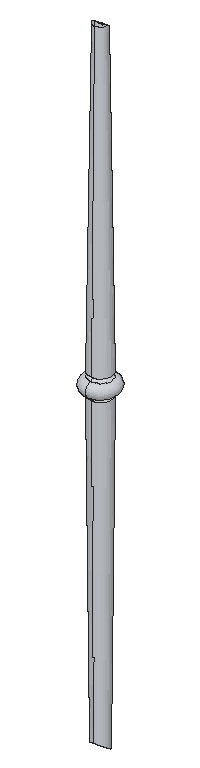
Revit family "617223a6c344498688091bea785b7b5c", category Balusters, Revit 2021
Family settings
  OmniClass Number = 23.30.80.11.11.14
  OmniClass Title = Posts, Newel Posts, Pickets
  Seek Item ID = Baluster - Custom1-0000-USA-ENU
  Always vertical = Yes
  Cut with Voids When Loaded = No
  Shared = No
Parameters (values of type "3/4"")
  built-in parameter 1008623 [instance] = 32.47°
  built-in parameter 1008625 [instance] = (empty or 0)
  Post = no
  built-in parameter 1008624 [instance] = 32.47°
  Baluster Material = none
  built-in parameter 1008622 [instance] = 2' - 6"
Reference planes (in)
  plane 1 "Center F/B": y = 0
  plane 2: z = 0
  plane 3 "Center L/R": x = 0
  plane 4 "Top": z = 30
  plane 5 "Top Angle Cut": through (0, 13.58797, 21.35351) normal (0, -0.5369, -0.8437)
  plane 6: z = 39
  plane 7: z = 15
  plane 8: z = 15.5
  plane 9: z = 14.5
  plane 10 "Bottom Angle Cut": through (0, 0, 0) normal (0, -0.5369, -0.8437)
  plane 11: z = -9
  plane 12: y = 2
  plane 13: y = -2
  plane 14: x = 2
  plane 15: x = -2
Forms (in)
  Revolve 1, solid, material <- "Baluster Material"
    sketch origin (0, 0, 0) x (0, 1, 0) y (0, 0, 1)
      loop
        line (0, -9) -> (0.28125, -9) -> (0.51362, 14.5039) -> (0.25843, 14.5) -> (0.52597, 14.68733)
        arc (0.52597, 14.68733) -> (0.83864, 15) -> (0.52597, 15.31267) r 0.31267
        line (0.52597, 15.31267) -> (0.25419, 15.50297) -> (0.51352, 15.50297) -> (0.2922, 30) -> (0.2922, 39) -> (0, 39) -> (0, -9)
      axis (0, -9) -> (0, 39)
    angle from 0 to 360
  Extrusion 2, void
    sketch origin (0, 0, 0) x (0, 1, 0) y (0, 0, 1)
      loop
        line (-2, -9) -> (2, -9) -> (2, -1.27267) -> (-2, 1.27267) -> (-2, -9)
      loop
        line (2, 39) -> (-2, 39) -> (-2, 31.27267) -> (2, 28.72733) -> (2, 39)
    from -2 to 2
Cuts and joins
  Extrusion 2 cuts Revolve 1
Dimensions and locks (in)
  "built-in parameter 1008622": plane 2 to plane 4 "Top"
  plane 4 "Top" to plane 6 = 0' - 9"
  equal spacing: plane 2, plane 7, plane 4 "Top"
  plane 9 to plane 7 to plane 8 = 0' - 0 1/2", 0' - 0 1/2"
  locked: level to plane 11 at 9
  locked: plane 15 to plane 3 "Center L/R" at 2
  locked: plane 3 "Center L/R" to plane 14 at 2
  locked: plane 1 "Center F/B" to plane 12 at 2
  locked: plane 13 to plane 1 "Center F/B" at 2
  "built-in parameter 1008623": angle plane 4 "Top" to plane 5 "Top Angle Cut"
  "built-in parameter 1008624": angle level to plane 10 "Bottom Angle Cut"
  aligned and locked: Revolve 1 sketch curve to plane 11
  aligned and locked: Extrusion 2 sketch curve to plane 11
  aligned and locked: Extrusion 2 sketch curve to plane 12  (x2)
  aligned and locked: plane 13 to Extrusion 2 sketch curve  (x2)
  aligned and locked: Extrusion 2 sketch curve to plane 10 "Bottom Angle Cut"
  aligned and locked: Extrusion 2 to plane 14
  aligned and locked: Extrusion 2 to plane 15
  aligned and locked: Extrusion 2 sketch curve to plane 6
  aligned and locked: plane 5 "Top Angle Cut" to Extrusion 2 sketch curve
Automatic sketch dimensions
  Revolve 1 sketch curve to plane 1 "Center F/B" = 0' - 0"  (x2)
  Revolve 1 sketch curve to plane 9 = 0' - 0"
  Revolve 1 sketch curve to plane 6 = 0' - 0"
  Revolve 1 sketch curve to plane 4 "Top" = 0' - 0"
  Revolve 1 sketch curve to plane 7 = 0' - 0"
  Revolve 1 sketch curve to plane 8 = 0' - 0.00297"
  Revolve 1 sketch curve to plane 9 = 0' - 0 1/256"
  Revolve 1 sketch curve to Revolve 1 sketch curve = 0' - 0.18344"
  Revolve 1 sketch curve to Revolve 1 sketch curve = 0' - 4"
  Revolve 1 sketch curve to Revolve 1 sketch curve = 0' - 6"
  Revolve 1 sketch curve to plane 1 "Center F/B" = 0' - 0.25419"
  Revolve 1 sketch curve to plane 1 "Center F/B" = 0' - 0.25843"
  Revolve 1 sketch curve to Revolve 1 sketch curve = 0' - 0 9/32"
  Revolve 1 sketch curve to Revolve 1 sketch curve = 0' - 0.2922"
  Revolve 1 sketch curve to Revolve 1 sketch curve = 0' - 0.25932"
  Revolve 1 sketch curve to Revolve 1 sketch curve = 0' - 0.25519"
  Revolve 1 sketch curve to Revolve 1 sketch curve = 0' - 0.01235"
